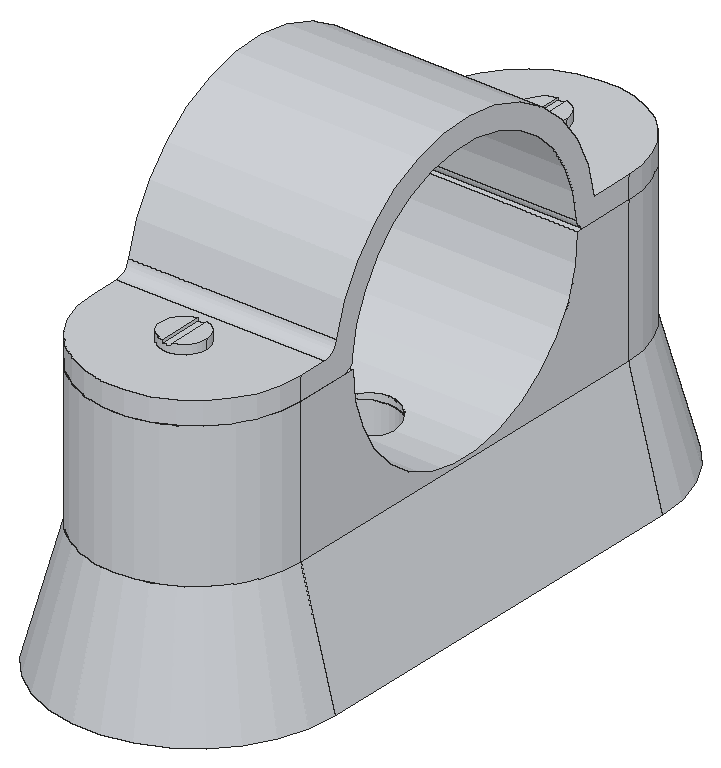
Revit family "HOSP2G", category Generic Models, Revit 2017
Family settings
  Can host rebar = No
  Round Connector Dimension = Use Diameter
  Part Type = Normal
  Work Plane-Based = Yes
  Always vertical = No
  Cut with Voids When Loaded = No
  Shared = No
  Room Calculation Point = No
Parameters (values of type "NBS Standard Parameters")
  Weight = "0.1479Kg"
  WarrantyStartDate [instance] = "1900-12-31T23:59:59"
  WarrantyGuarantorParts = "n/a"
  WarrantyGuarantorLabor = "n/a"
  WarrantyDurationUnit = "1 year"
  WarrantyDurationParts = "n/a"
  WarrantyDurationLabor = "n/a"
  WarrantyDescription = "n/a"
  Version = "1"
  Uniclass2 = "Pr_65_70_11_20"
  TagNumber [instance] = "n/a"
  SustainabilityPerformance = "n/a"
  Size = "25mm"
  Shape = "n/a"
  SerialNumber [instance] = "n/a"
  Revision = "n/a"
  ReplacementCost = "n/a"
  ProductInformation = "www.metpro.co.uk/pdf/hosp2g.pdf"
  NominalWidth = 31.7 mm
  NominalLength = 71 mm
  NominalHeight = 35 mm
  Name = ""
  NBSTypeID = ""
  NBSReference = "90-55-10/460"
  NBSOfficeMasterTag = ""
  NBSNote = ""
  NBSDescription = "Conduit Fittings"
  NBSCertification = ""
  ModelReference = "HOSP2G"
  ModelNumber = "n/a"
  Material = "Malleable Iron Body, Pressed Steel Strap"
  ManufacturerURL = "www.metpro.co.uk"
  ManufacturerName = "Metpro Ltd"
  Keynote = "Compliant to LU standard 1-085"
  InstallationDate [instance] = "1900-12-31T23:59:59"
  IfcExportType = ""
  IfcExportAs = ""
  Grade = "n/a"
  Finish = "Galvanised"
  Features = "n/a"
  ExpectedLife = "n/a"
  DurationUnit = "year"
  Description = "HOSP2G - 25mm Hospital Saddle"
  Default Elevation = 1219.2 mm
  Constituents = "n/a"
  Color = "n/a"
  CodePerformance = "n/a"
  Category = "n/a"
  BarCode [instance] = "n/a"
  BIMObjectName = "Metpro_metprolibrary_conduitfittings_metalcomponents_Steelaccessories"
  Author = "Metpro Limited"
  AssetType = ""
  AssetIdentifier [instance] = "n/a"
  AccessibilityPerformance = "n/a"
Reference planes
  plane 1 "Center (Front/Back)": y = 0
  plane 2: z = 0
  plane 3 "Center (Left/Right)": x = 0
Forms (mm)
  Extrusion 1, solid
    sketch origin (-326.08, 185.062, 2) x (1, 0, 0) y (0, 1, 0)
      loop
        line (13.857, 17.586) -> (13.857, -18.914)
        arc (13.857, -18.914) -> (23.107, -28.164) -> (32.357, -18.914) r 9.25
        line (32.357, -18.914) -> (32.357, 17.586)
        arc (32.357, 17.586) -> (23.107, 26.836) -> (13.857, 17.586) r 9.25
    from 2.227 to 15
  Extrusion 2, solid
    sketch origin (-294.223, 167.648, 2) x (0, 1, 0) y (0, 0, 1)
      loop
        arc (29.174, 15.954) -> (29.491, 15.295) -> (30.171, 15.028) r 1
        line (30.171, 15.028) -> (44.208, 15.028) -> (44.208, 17.028) -> (31.07, 17.028)
        arc (31.07, 17.028) -> (17.263, 29.517) -> (2.542, 18.12) r 14.5
        arc (2.542, 18.12) -> (2.056, 17.335) -> (1.185, 17.028) r 1.389
        line (1.185, 17.028) -> (-10.792, 17.028) -> (-10.792, 15.028) -> (3.245, 15.028)
        arc (3.245, 15.028) -> (3.926, 15.295) -> (4.243, 15.954) r 1
        arc (4.243, 15.954) -> (16.708, 27.528) -> (29.174, 15.954) r 12.5
    from -20.24 to 2.343
  Extrusion 3, solid
    sketch origin (-294.223, 195.062, 19) x (0, 1, 0) y (-1, 0, 0)
      loop
        circle (10, 9) r 2
      loop
        circle (-30, 9) r 2
    from 0 to 0.8
  Extrusion 4, void
    sketch origin (-294.223, 195.062, 19.8) x (-1, 0, 0) y (0, 1, 0)
      loop
        line (9.313, 7.297) -> (9.313, 12.948) -> (8.52, 12.948) -> (8.52, 7.297) -> (9.313, 7.297)
      loop
        line (9.313, -27.126) -> (8.52, -27.126) -> (8.52, -32.776) -> (9.313, -32.776) -> (9.313, -27.126)
    from 0 to 0.2
  Extrusion 5, void
    sketch origin (-326.08, 185.062, 4.227) x (1, 0, 0) y (0, 1, 0)
      loop
        arc (13.857, -18.914) -> (23.107, -28.164) -> (32.357, -18.914) r 9.25
        line (32.357, -18.914) -> (32.357, 17.586)
        arc (32.357, 17.586) -> (23.107, 26.836) -> (13.857, 17.586) r 9.25
        line (13.857, 17.586) -> (13.857, -18.914)
      loop
        line (38.076, -30.594) -> (38.076, 33.347) -> (5.273, 33.347) -> (5.273, -30.594) -> (38.076, -30.594)
    from 0 to 33.47
  Extrusion 6, void
    sketch origin (-326.08, 185.062, 4.227) x (1, 0, 0) y (0, 1, 0)
      loop
        circle (23.107, -0.609) r 3.006
    from 0 to 8.926
  Extrusion 7, void
    sketch origin (-293.723, 202.648, 2) x (0, 1, 0) y (0, 0, -1)
      loop
        circle (-18.194, -15) r 12.517
    from 0 to 21.877
  Blend 8, solid
    base sketch origin (-326.08, 185.062, 4.227) x (0, 1, 0) y (-1, 0, 0)
      loop
        arc (-18.914, -13.857) -> (-28.164, -23.107) -> (-18.914, -32.357) r 9.25
        line (-18.914, -32.357) -> (17.586, -32.357)
        arc (17.586, -32.357) -> (26.836, -23.107) -> (17.586, -13.857) r 9.25
        line (17.586, -13.857) -> (-18.914, -13.857)
    top sketch origin (-326.08, 185.062, 4.227) x (0, 1, 0) y (-1, 0, 0)
      loop
        arc (17.586, -35.357) -> (29.836, -23.107) -> (17.586, -10.857) r 12.25
        line (17.586, -10.857) -> (-18.914, -10.857)
        arc (-18.914, -10.857) -> (-31.164, -23.107) -> (-18.914, -35.357) r 12.25
        line (-18.914, -35.357) -> (17.586, -35.357)
    from 0 to -11.2
  Extrusion 9, void
    sketch origin (-326.08, 185.062, -6.973) x (0, 1, 0) y (-1, 0, 0)
      loop
        circle (-0.609, -23.107) r 3.006
    from 0 to 26.773
Cuts and joins
  Extrusion 4 cuts Extrusion 3
  Extrusion 5, Extrusion 6, Extrusion 7, Extrusion 9 cuts Extrusion 1
  Extrusion 5, Extrusion 6, Extrusion 9 cuts Extrusion 2
  Extrusion 9 cuts Blend 8
Dimensions and locks
  aligned and locked: level to plane 2
